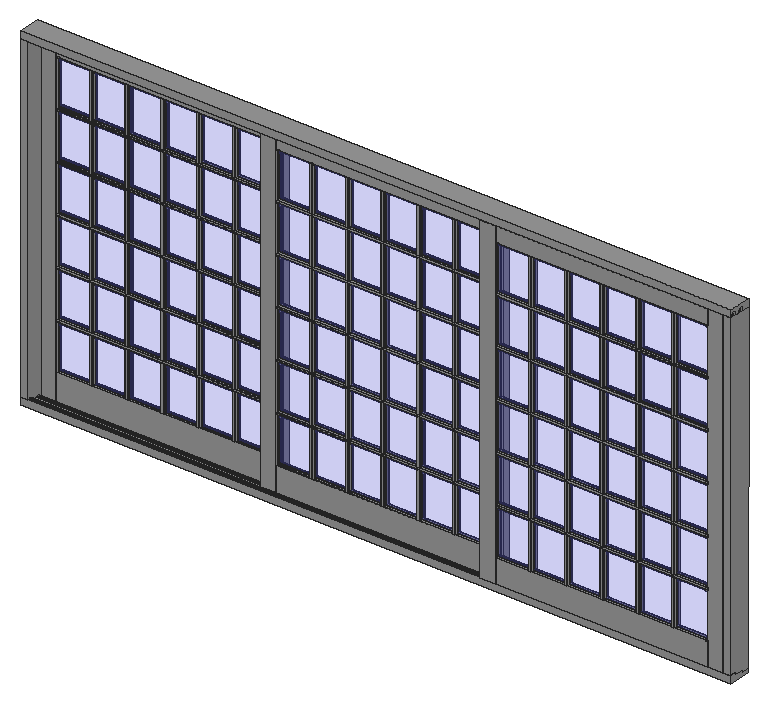
Revit family "VSD4.4SPTS LH", category Doors, host Wall, Revit 2015 (continued)
Forms (mm)
  Sweep 122, solid, material "Lauan, Meranti"
    profile origin (1754.392, -176, 1365) x (0, 0, -1) y (0, -1, 0)
      loop
        line (9, -124.5) -> (0, -124.5) -> (0, -132.5)
        arc (0, -132.5) -> (4.67, -130.866) -> (7, -126.5) r 6.807
        line (7, -126.5) -> (9, -126.5) -> (9, -124.5)
  Sweep 123, solid, material "Lauan, Meranti"
    path origin (2386.311, -176, -1375.763) x (-1, 0, 0) y (0, 0, -1)
      loop
        line (302.345, -2740.763) -> (513.395, -2740.763) -> (513.395, -2456.763) -> (302.345, -2456.763) -> (302.345, -2740.763)
    profile origin (1978.442, -176, 1365) x (0, 0, -1) y (0, -1, 0)
      loop
        line (9, -124.5) -> (0, -124.5) -> (0, -132.5)
        arc (0, -132.5) -> (4.67, -130.866) -> (7, -126.5) r 6.807
        line (7, -126.5) -> (9, -126.5) -> (9, -124.5)
  Sweep 124, solid, material "Lauan, Meranti"
    path origin (1266.061, -176, -1672.763) x (-1, 0, 0) y (0, 0, -1)
      loop
        line (302.345, -2740.763) -> (513.395, -2740.763) -> (513.395, -2456.763) -> (302.345, -2456.763) -> (302.345, -2740.763)
    profile origin (858.192, -176, 1068) x (0, 0, -1) y (0, -1, 0)
      loop
        line (9, -124.5) -> (0, -124.5) -> (0, -132.5)
        arc (0, -132.5) -> (4.67, -130.866) -> (7, -126.5) r 6.807
        line (7, -126.5) -> (9, -126.5) -> (9, -124.5)
  Extrusion 125, solid, material "Lauan, Meranti"
    sketch origin (1521.667, -101, -891) x (-1, 0, 0) y (0, -1, 0)
      loop
        line (544.95, -31) -> (544.95, -33)
        arc (544.95, -33) -> (540.28, -34.634) -> (537.95, -39) r 6.807
        line (537.95, -39) -> (535.95, -39) -> (535.95, -41) -> (544.95, -41) -> (544.95, -71) -> (557.95, -71) -> (557.95, -41) -> (566.95, -41) -> (566.95, -39) -> (564.95, -39)
        arc (564.95, -39) -> (562.62, -34.634) -> (557.95, -33) r 6.807
        line (557.95, -33) -> (557.95, -31) -> (544.95, -31)
      loop
        line (320.9, -31) -> (320.9, -33)
        arc (320.9, -33) -> (316.23, -34.634) -> (313.9, -39) r 6.807
        line (313.9, -39) -> (311.9, -39) -> (311.9, -41) -> (320.9, -41) -> (320.9, -71) -> (333.9, -71) -> (333.9, -41) -> (342.9, -41) -> (342.9, -39) -> (340.9, -39)
        arc (340.9, -39) -> (338.57, -34.634) -> (333.9, -33) r 6.807
        line (333.9, -33) -> (333.9, -31) -> (320.9, -31)
      loop
        line (96.85, -31) -> (96.85, -33)
        arc (96.85, -33) -> (92.18, -34.634) -> (89.85, -39) r 6.807
        line (89.85, -39) -> (87.85, -39) -> (87.85, -41) -> (96.85, -41) -> (96.85, -71) -> (109.85, -71) -> (109.85, -41) -> (118.85, -41) -> (118.85, -39) -> (116.85, -39)
        arc (116.85, -39) -> (114.52, -34.634) -> (109.85, -33) r 6.807
        line (109.85, -33) -> (109.85, -31) -> (96.85, -31)
      loop
        line (-127.2, -31) -> (-127.2, -33)
        arc (-127.2, -33) -> (-131.87, -34.634) -> (-134.2, -39) r 6.807
        line (-134.2, -39) -> (-136.2, -39) -> (-136.2, -41) -> (-127.2, -41) -> (-127.2, -71) -> (-114.2, -71) -> (-114.2, -41) -> (-105.2, -41) -> (-105.2, -39) -> (-107.2, -39)
        arc (-107.2, -39) -> (-109.53, -34.634) -> (-114.2, -33) r 6.807
        line (-114.2, -33) -> (-114.2, -31) -> (-127.2, -31)
      loop
        line (-351.25, -31) -> (-351.25, -33)
        arc (-351.25, -33) -> (-355.92, -34.634) -> (-358.25, -39) r 6.807
        line (-358.25, -39) -> (-360.25, -39) -> (-360.25, -41) -> (-351.25, -41) -> (-351.25, -71) -> (-338.25, -71) -> (-338.25, -41) -> (-329.25, -41) -> (-329.25, -39) -> (-331.25, -39)
        arc (-331.25, -39) -> (-333.58, -34.634) -> (-338.25, -33) r 6.807
        line (-338.25, -33) -> (-338.25, -31) -> (-351.25, -31)
    from 1675 to 1959
  Sweep 126, solid, material "Lauan, Meranti"
    path origin (1490.111, -176, -1672.763) x (-1, 0, 0) y (0, 0, -1)
      loop
        line (302.345, -2740.763) -> (513.395, -2740.763) -> (513.395, -2456.763) -> (302.345, -2456.763) -> (302.345, -2740.763)
    profile origin (1082.242, -176, 1068) x (0, 0, -1) y (0, -1, 0)
      loop
        line (9, -124.5) -> (0, -124.5) -> (0, -132.5)
        arc (0, -132.5) -> (4.67, -130.866) -> (7, -126.5) r 6.807
        line (7, -126.5) -> (9, -126.5) -> (9, -124.5)
  Sweep 127, solid, material "Lauan, Meranti"
    path origin (1714.161, -176, -1672.763) x (-1, 0, 0) y (0, 0, -1)
      loop
        line (302.345, -2740.763) -> (513.395, -2740.763) -> (513.395, -2456.763) -> (302.345, -2456.763) -> (302.345, -2740.763)
    profile origin (1306.292, -176, 1068) x (0, 0, -1) y (0, -1, 0)
      loop
        line (9, -124.5) -> (0, -124.5) -> (0, -132.5)
        arc (0, -132.5) -> (4.67, -130.866) -> (7, -126.5) r 6.807
        line (7, -126.5) -> (9, -126.5) -> (9, -124.5)
  Sweep 128, solid, material "Lauan, Meranti"
    path origin (1938.211, -176, -1672.763) x (-1, 0, 0) y (0, 0, -1)
      loop
        line (302.345, -2740.763) -> (513.395, -2740.763) -> (513.395, -2456.763) -> (302.345, -2456.763) -> (302.345, -2740.763)
    profile origin (1530.342, -176, 1068) x (0, 0, -1) y (0, -1, 0)
      loop
        line (9, -124.5) -> (0, -124.5) -> (0, -132.5)
        arc (0, -132.5) -> (4.67, -130.866) -> (7, -126.5) r 6.807
        line (7, -126.5) -> (9, -126.5) -> (9, -124.5)
  Sweep 129, solid, material "Lauan, Meranti"
    path origin (2162.261, -176, -1672.763) x (-1, 0, 0) y (0, 0, -1)
      loop
        line (302.345, -2740.763) -> (513.395, -2740.763) -> (513.395, -2456.763) -> (302.345, -2456.763) -> (302.345, -2740.763)
    profile origin (1754.392, -176, 1068) x (0, 0, -1) y (0, -1, 0)
      loop
        line (9, -124.5) -> (0, -124.5) -> (0, -132.5)
        arc (0, -132.5) -> (4.67, -130.866) -> (7, -126.5) r 6.807
        line (7, -126.5) -> (9, -126.5) -> (9, -124.5)
  Sweep 130, solid, material "Lauan, Meranti"
    path origin (2386.311, -176, -1672.763) x (-1, 0, 0) y (0, 0, -1)
      loop
        line (302.345, -2740.763) -> (513.395, -2740.763) -> (513.395, -2456.763) -> (302.345, -2456.763) -> (302.345, -2740.763)
    profile origin (1978.442, -176, 1068) x (0, 0, -1) y (0, -1, 0)
      loop
        line (9, -124.5) -> (0, -124.5) -> (0, -132.5)
        arc (0, -132.5) -> (4.67, -130.866) -> (7, -126.5) r 6.807
        line (7, -126.5) -> (9, -126.5) -> (9, -124.5)
  Sweep 131, solid, material "Lauan, Meranti"
    path origin (1266.061, -176, -1969.763) x (-1, 0, 0) y (0, 0, -1)
      loop
        line (302.345, -2740.763) -> (513.395, -2740.763) -> (513.395, -2456.763) -> (302.345, -2456.763) -> (302.345, -2740.763)
    profile origin (858.192, -176, 771) x (0, 0, -1) y (0, -1, 0)
      loop
        line (9, -124.5) -> (0, -124.5) -> (0, -132.5)
        arc (0, -132.5) -> (4.67, -130.866) -> (7, -126.5) r 6.807
        line (7, -126.5) -> (9, -126.5) -> (9, -124.5)
  Extrusion 132, solid, material "Lauan, Meranti"
    sketch origin (1521.667, -101, -1188) x (-1, 0, 0) y (0, -1, 0)
      loop
        line (544.95, -31) -> (544.95, -33)
        arc (544.95, -33) -> (540.28, -34.634) -> (537.95, -39) r 6.807
        line (537.95, -39) -> (535.95, -39) -> (535.95, -41) -> (544.95, -41) -> (544.95, -71) -> (557.95, -71) -> (557.95, -41) -> (566.95, -41) -> (566.95, -39) -> (564.95, -39)
        arc (564.95, -39) -> (562.62, -34.634) -> (557.95, -33) r 6.807
        line (557.95, -33) -> (557.95, -31) -> (544.95, -31)
      loop
        line (320.9, -31) -> (320.9, -33)
        arc (320.9, -33) -> (316.23, -34.634) -> (313.9, -39) r 6.807
        line (313.9, -39) -> (311.9, -39) -> (311.9, -41) -> (320.9, -41) -> (320.9, -71) -> (333.9, -71) -> (333.9, -41) -> (342.9, -41) -> (342.9, -39) -> (340.9, -39)
        arc (340.9, -39) -> (338.57, -34.634) -> (333.9, -33) r 6.807
        line (333.9, -33) -> (333.9, -31) -> (320.9, -31)
      loop
        line (96.85, -31) -> (96.85, -33)
        arc (96.85, -33) -> (92.18, -34.634) -> (89.85, -39) r 6.807
        line (89.85, -39) -> (87.85, -39) -> (87.85, -41) -> (96.85, -41) -> (96.85, -71) -> (109.85, -71) -> (109.85, -41) -> (118.85, -41) -> (118.85, -39) -> (116.85, -39)
        arc (116.85, -39) -> (114.52, -34.634) -> (109.85, -33) r 6.807
        line (109.85, -33) -> (109.85, -31) -> (96.85, -31)
      loop
        line (-127.2, -31) -> (-127.2, -33)
        arc (-127.2, -33) -> (-131.87, -34.634) -> (-134.2, -39) r 6.807
        line (-134.2, -39) -> (-136.2, -39) -> (-136.2, -41) -> (-127.2, -41) -> (-127.2, -71) -> (-114.2, -71) -> (-114.2, -41) -> (-105.2, -41) -> (-105.2, -39) -> (-107.2, -39)
        arc (-107.2, -39) -> (-109.53, -34.634) -> (-114.2, -33) r 6.807
        line (-114.2, -33) -> (-114.2, -31) -> (-127.2, -31)
      loop
        line (-351.25, -31) -> (-351.25, -33)
        arc (-351.25, -33) -> (-355.92, -34.634) -> (-358.25, -39) r 6.807
        line (-358.25, -39) -> (-360.25, -39) -> (-360.25, -41) -> (-351.25, -41) -> (-351.25, -71) -> (-338.25, -71) -> (-338.25, -41) -> (-329.25, -41) -> (-329.25, -39) -> (-331.25, -39)
        arc (-331.25, -39) -> (-333.58, -34.634) -> (-338.25, -33) r 6.807
        line (-338.25, -33) -> (-338.25, -31) -> (-351.25, -31)
    from 1675 to 1959
  Sweep 133, solid, material "Lauan, Meranti"
    path origin (1490.111, -176, -1969.763) x (-1, 0, 0) y (0, 0, -1)
      loop
        line (302.345, -2740.763) -> (513.395, -2740.763) -> (513.395, -2456.763) -> (302.345, -2456.763) -> (302.345, -2740.763)
    profile origin (1082.242, -176, 771) x (0, 0, -1) y (0, -1, 0)
      loop
        line (9, -124.5) -> (0, -124.5) -> (0, -132.5)
        arc (0, -132.5) -> (4.67, -130.866) -> (7, -126.5) r 6.807
        line (7, -126.5) -> (9, -126.5) -> (9, -124.5)
  Sweep 134, solid, material "Lauan, Meranti"
    path origin (1714.161, -176, -1969.763) x (-1, 0, 0) y (0, 0, -1)
      loop
        line (302.345, -2740.763) -> (513.395, -2740.763) -> (513.395, -2456.763) -> (302.345, -2456.763) -> (302.345, -2740.763)
    profile origin (1306.292, -176, 771) x (0, 0, -1) y (0, -1, 0)
      loop
        line (9, -124.5) -> (0, -124.5) -> (0, -132.5)
        arc (0, -132.5) -> (4.67, -130.866) -> (7, -126.5) r 6.807
        line (7, -126.5) -> (9, -126.5) -> (9, -124.5)
  Sweep 135, solid, material "Lauan, Meranti"
    path origin (1938.211, -176, -1969.763) x (-1, 0, 0) y (0, 0, -1)
      loop
        line (302.345, -2740.763) -> (513.395, -2740.763) -> (513.395, -2456.763) -> (302.345, -2456.763) -> (302.345, -2740.763)
    profile origin (1530.342, -176, 771) x (0, 0, -1) y (0, -1, 0)
      loop
        line (9, -124.5) -> (0, -124.5) -> (0, -132.5)
        arc (0, -132.5) -> (4.67, -130.866) -> (7, -126.5) r 6.807
        line (7, -126.5) -> (9, -126.5) -> (9, -124.5)
  Sweep 136, solid, material "Lauan, Meranti"
    path origin (2162.261, -176, -1969.763) x (-1, 0, 0) y (0, 0, -1)
      loop
        line (302.345, -2740.763) -> (513.395, -2740.763) -> (513.395, -2456.763) -> (302.345, -2456.763) -> (302.345, -2740.763)
    profile origin (1754.392, -176, 771) x (0, 0, -1) y (0, -1, 0)
      loop
        line (9, -124.5) -> (0, -124.5) -> (0, -132.5)
        arc (0, -132.5) -> (4.67, -130.866) -> (7, -126.5) r 6.807
        line (7, -126.5) -> (9, -126.5) -> (9, -124.5)
  Sweep 137, solid, material "Lauan, Meranti"
    path origin (2386.311, -176, -1969.763) x (-1, 0, 0) y (0, 0, -1)
      loop
        line (302.345, -2740.763) -> (513.395, -2740.763) -> (513.395, -2456.763) -> (302.345, -2456.763) -> (302.345, -2740.763)
    profile origin (1978.442, -176, 771) x (0, 0, -1) y (0, -1, 0)
      loop
        line (9, -124.5) -> (0, -124.5) -> (0, -132.5)
        arc (0, -132.5) -> (4.67, -130.866) -> (7, -126.5) r 6.807
        line (7, -126.5) -> (9, -126.5) -> (9, -124.5)
  Sweep 138, solid, material "Lauan, Meranti"
    path origin (1266.061, -176, -2266.763) x (-1, 0, 0) y (0, 0, -1)
      loop
        line (302.345, -2740.763) -> (513.395, -2740.763) -> (513.395, -2456.763) -> (302.345, -2456.763) -> (302.345, -2740.763)
    profile origin (858.192, -176, 474) x (0, 0, -1) y (0, -1, 0)
      loop
        line (9, -124.5) -> (0, -124.5) -> (0, -132.5)
        arc (0, -132.5) -> (4.67, -130.866) -> (7, -126.5) r 6.807
        line (7, -126.5) -> (9, -126.5) -> (9, -124.5)
  Extrusion 139, solid, material "Lauan, Meranti"
    sketch origin (1521.667, -101, -1485) x (-1, 0, 0) y (0, -1, 0)
      loop
        line (544.95, -31) -> (544.95, -33)
        arc (544.95, -33) -> (540.28, -34.634) -> (537.95, -39) r 6.807
        line (537.95, -39) -> (535.95, -39) -> (535.95, -41) -> (544.95, -41) -> (544.95, -71) -> (557.95, -71) -> (557.95, -41) -> (566.95, -41) -> (566.95, -39) -> (564.95, -39)
        arc (564.95, -39) -> (562.62, -34.634) -> (557.95, -33) r 6.807
        line (557.95, -33) -> (557.95, -31) -> (544.95, -31)
      loop
        line (320.9, -31) -> (320.9, -33)
        arc (320.9, -33) -> (316.23, -34.634) -> (313.9, -39) r 6.807
        line (313.9, -39) -> (311.9, -39) -> (311.9, -41) -> (320.9, -41) -> (320.9, -71) -> (333.9, -71) -> (333.9, -41) -> (342.9, -41) -> (342.9, -39) -> (340.9, -39)
        arc (340.9, -39) -> (338.57, -34.634) -> (333.9, -33) r 6.807
        line (333.9, -33) -> (333.9, -31) -> (320.9, -31)
      loop
        line (96.85, -31) -> (96.85, -33)
        arc (96.85, -33) -> (92.18, -34.634) -> (89.85, -39) r 6.807
        line (89.85, -39) -> (87.85, -39) -> (87.85, -41) -> (96.85, -41) -> (96.85, -71) -> (109.85, -71) -> (109.85, -41) -> (118.85, -41) -> (118.85, -39) -> (116.85, -39)
        arc (116.85, -39) -> (114.52, -34.634) -> (109.85, -33) r 6.807
        line (109.85, -33) -> (109.85, -31) -> (96.85, -31)
      loop
        line (-127.2, -31) -> (-127.2, -33)
        arc (-127.2, -33) -> (-131.87, -34.634) -> (-134.2, -39) r 6.807
        line (-134.2, -39) -> (-136.2, -39) -> (-136.2, -41) -> (-127.2, -41) -> (-127.2, -71) -> (-114.2, -71) -> (-114.2, -41) -> (-105.2, -41) -> (-105.2, -39) -> (-107.2, -39)
        arc (-107.2, -39) -> (-109.53, -34.634) -> (-114.2, -33) r 6.807
        line (-114.2, -33) -> (-114.2, -31) -> (-127.2, -31)
      loop
        line (-351.25, -31) -> (-351.25, -33)
        arc (-351.25, -33) -> (-355.92, -34.634) -> (-358.25, -39) r 6.807
        line (-358.25, -39) -> (-360.25, -39) -> (-360.25, -41) -> (-351.25, -41) -> (-351.25, -71) -> (-338.25, -71) -> (-338.25, -41) -> (-329.25, -41) -> (-329.25, -39) -> (-331.25, -39)
        arc (-331.25, -39) -> (-333.58, -34.634) -> (-338.25, -33) r 6.807
        line (-338.25, -33) -> (-338.25, -31) -> (-351.25, -31)
    from 1675 to 1959
  Sweep 140, solid, material "Lauan, Meranti"
    path origin (1490.111, -176, -2266.763) x (-1, 0, 0) y (0, 0, -1)
      loop
        line (302.345, -2740.763) -> (513.395, -2740.763) -> (513.395, -2456.763) -> (302.345, -2456.763) -> (302.345, -2740.763)
    profile origin (1082.242, -176, 474) x (0, 0, -1) y (0, -1, 0)
      loop
        line (9, -124.5) -> (0, -124.5) -> (0, -132.5)
        arc (0, -132.5) -> (4.67, -130.866) -> (7, -126.5) r 6.807
        line (7, -126.5) -> (9, -126.5) -> (9, -124.5)
  Sweep 141, solid, material "Lauan, Meranti"
    path origin (1714.161, -176, -2266.763) x (-1, 0, 0) y (0, 0, -1)
      loop
        line (302.345, -2740.763) -> (513.395, -2740.763) -> (513.395, -2456.763) -> (302.345, -2456.763) -> (302.345, -2740.763)
    profile origin (1306.292, -176, 474) x (0, 0, -1) y (0, -1, 0)
      loop
        line (9, -124.5) -> (0, -124.5) -> (0, -132.5)
        arc (0, -132.5) -> (4.67, -130.866) -> (7, -126.5) r 6.807
        line (7, -126.5) -> (9, -126.5) -> (9, -124.5)
  Sweep 142, solid, material "Lauan, Meranti"
    path origin (1938.211, -176, -2266.763) x (-1, 0, 0) y (0, 0, -1)
      loop
        line (302.345, -2740.763) -> (513.395, -2740.763) -> (513.395, -2456.763) -> (302.345, -2456.763) -> (302.345, -2740.763)
    profile origin (1530.342, -176, 474) x (0, 0, -1) y (0, -1, 0)
      loop
        line (9, -124.5) -> (0, -124.5) -> (0, -132.5)
        arc (0, -132.5) -> (4.67, -130.866) -> (7, -126.5) r 6.807
        line (7, -126.5) -> (9, -126.5) -> (9, -124.5)
  Sweep 143, solid, material "Lauan, Meranti"
    path origin (2162.261, -176, -2266.763) x (-1, 0, 0) y (0, 0, -1)
      loop
        line (302.345, -2740.763) -> (513.395, -2740.763) -> (513.395, -2456.763) -> (302.345, -2456.763) -> (302.345, -2740.763)
    profile origin (1754.392, -176, 474) x (0, 0, -1) y (0, -1, 0)
      loop
        line (9, -124.5) -> (0, -124.5) -> (0, -132.5)
        arc (0, -132.5) -> (4.67, -130.866) -> (7, -126.5) r 6.807
        line (7, -126.5) -> (9, -126.5) -> (9, -124.5)
  Sweep 144, solid, material "Lauan, Meranti"
    path origin (2386.311, -176, -2266.763) x (-1, 0, 0) y (0, 0, -1)
      loop
        line (302.345, -2740.763) -> (513.395, -2740.763) -> (513.395, -2456.763) -> (302.345, -2456.763) -> (302.345, -2740.763)
    profile origin (1978.442, -176, 474) x (0, 0, -1) y (0, -1, 0)
      loop
        line (9, -124.5) -> (0, -124.5) -> (0, -132.5)
        arc (0, -132.5) -> (4.67, -130.866) -> (7, -126.5) r 6.807
        line (7, -126.5) -> (9, -126.5) -> (9, -124.5)
Cuts and joins
  joined: Extrusion 3, Extrusion 4, Extrusion 6
Lines and regions (mm)
  Opening 1
    outline origin (-5000, 75, 0) x (-1, 0, 0) y (0, 0, 1)
      loop
        line (-7225, 0) -> (-2775, 0) -> (-2775, 2100) -> (-7225, 2100) -> (-7225, 0)
  model lines
    curve 1: line (255.153, 99.5, 925) -> (-85.77, 99.5, 925)
    curve 2: line (-224.847, 99.5, 925) -> (-85.77, 99.5, 981.191)
    curve 3: line (-85.77, 99.5, 981.191) -> (-85.77, 99.5, 868.809)
    curve 4: line (-224.847, 99.5, 925) -> (-85.77, 99.5, 868.809)
    curve 5: line (1673.486, 99.5, 925) -> (1332.564, 99.5, 925)
    curve 6: line (1193.486, 99.5, 925) -> (1332.564, 99.5, 981.191)
    curve 7: line (1332.564, 99.5, 981.191) -> (1332.564, 99.5, 868.809)
    curve 8: line (1193.486, 99.5, 925) -> (1332.564, 99.5, 868.809)
Text (mm)
  text "Exterior" at (-2295.016, 1099.543, 0), in view "Ref. Level"
  text "Exterior" at (0, 1615.38, 3698.081), in view "Left"
  text "Exterior" at (0, 1036.032, 3874.932), in view "Right"
Dimensions and locks
  equal spacing: plane 3 "Left", plane 2 "Center (Left/Right)", plane 4 "Right"
  "Width": plane 3 "Left" to plane 4 "Right"
  "Height": plane 5 to host wall
  host wall to plane 5 = 2100 mm  (x2)
  locked: plane 6 "Exterior" to host wall at 0
  locked: plane 7 "Interior" to host wall
  plane 3 "Left" to plane 4 "Right" = 4450 mm
  aligned and locked: host wall to plane 1
  aligned and locked: Opening 1 sketch curve to level
  aligned and locked: Sweep 14 sketch curve to Extrusion 13
  aligned and locked: Extrusion 13 to Extrusion 16  (x2)
  aligned and locked: Extrusion 9 to Extrusion 13
  aligned and locked: Extrusion 16 to Sweep 14 sketch curve
  aligned and locked: Extrusion 23 to Sweep 22 sketch curve
  aligned and locked: Extrusion 30 to Sweep 29 sketch curve
  aligned and locked: Extrusion 37 to Sweep 36 sketch curve
  aligned and locked: Extrusion 44 to Sweep 43 sketch curve
  aligned and locked: Extrusion 51 to Sweep 50 sketch curve
  aligned and locked: Sweep 58 sketch curve to Extrusion 57
  aligned and locked: Extrusion 57 to Extrusion 60  (x2)
  aligned and locked: Extrusion 60 to Sweep 58 sketch curve
  aligned and locked: Extrusion 67 to Sweep 66 sketch curve
  aligned and locked: Extrusion 74 to Sweep 73 sketch curve
  aligned and locked: Extrusion 81 to Sweep 80 sketch curve
  aligned and locked: Extrusion 88 to Sweep 87 sketch curve
  aligned and locked: Extrusion 95 to Sweep 94 sketch curve
  aligned and locked: Sweep 102 sketch curve to Extrusion 101
  aligned and locked: Extrusion 101 to Extrusion 104  (x2)
  aligned and locked: Extrusion 104 to Sweep 102 sketch curve
  aligned and locked: Extrusion 111 to Sweep 110 sketch curve
  aligned and locked: Extrusion 118 to Sweep 117 sketch curve
  aligned and locked: Extrusion 125 to Sweep 124 sketch curve
  aligned and locked: Extrusion 132 to Sweep 131 sketch curve
  aligned and locked: Extrusion 139 to Sweep 138 sketch curve
Automatic sketch dimensions
  curve 2 to plane 2 "Center (Left/Right)" = 224.847 mm
  curve 2 to plane 2 "Center (Left/Right)" = 85.77 mm
  plane 4 "Right" to curve 6 = 1031.514 mm
  curve 6 to curve 6 = 139.078 mm
  level to curve 4 = 868.809 mm
  level to curve 7 = 868.809 mm
  curve 7 to curve 8 = 56.191 mm
  curve 3 to curve 4 = 56.191 mm
  curve 3 to curve 3 = 112.382 mm
  curve 7 to curve 7 = 112.382 mm
  plane 2 "Center (Left/Right)" to curve 1 = 255.153 mm
  curve 5 to curve 5 = 340.922 mm
  curve 1 to curve 2 = 56.191 mm
  curve 7 to curve 5 = 56.191 mm
  plane 4 "Right" to Opening 1 sketch curve = 0 mm
  plane 3 "Left" to Opening 1 sketch curve = 0 mm
  Opening 1 sketch curve to plane 5 = 0 mm
  Extrusion 1 sketch curve to level = 0 mm
  Extrusion 1 sketch curve to host wall = 5 mm  (x2)
  Extrusion 1 sketch curve to Extrusion 1 sketch curve = 8 mm
  Extrusion 1 sketch curve to Extrusion 1 sketch curve = 24 mm
  host wall to Extrusion 1 sketch curve = 6 mm
  Extrusion 1 sketch curve to host wall = 18 mm
  level to Extrusion 1 sketch curve = 21 mm
  Extrusion 1 sketch curve to Extrusion 1 sketch curve = 11 mm  (x2)
  Extrusion 1 sketch curve to Extrusion 1 sketch curve = 1 mm  (x2)
  plane 5 to Extrusion 2 sketch curve = 0 mm
  Extrusion 2 sketch curve to host wall = 5 mm  (x2)
  Extrusion 2 sketch curve to Extrusion 2 sketch curve = 9 mm
  Extrusion 2 sketch curve to Extrusion 2 sketch curve = 22 mm
  host wall to Extrusion 2 sketch curve = 5 mm
  Extrusion 2 sketch curve to host wall = 17 mm
  plane 5 to Extrusion 2 sketch curve = 25 mm  (x2)
  Extrusion 2 sketch curve to Extrusion 2 sketch curve = 20 mm  (x3)
  Extrusion 3 sketch curve to plane 4 "Right" = 0 mm
  Extrusion 3 sketch curve to plane 3 "Left" = 0 mm
  Extrusion 3 sketch curve to plane 4 "Right" = 43 mm
  host wall to Extrusion 3 sketch curve = 5 mm  (x4)
  Extrusion 3 sketch curve to Extrusion 3 sketch curve = 45 mm
  plane 3 "Left" to Extrusion 3 sketch curve = 45 mm
  Extrusion 3 sketch curve to Extrusion 3 sketch curve = 2 mm
  host wall to Extrusion 3 sketch curve = 25 mm  (x2)
  Extrusion 4 sketch curve to plane 4 "Right" = 0 mm
  Extrusion 4 sketch curve to plane 3 "Left" = 0 mm
  Extrusion 4 sketch curve to plane 4 "Right" = 43 mm
  Extrusion 4 sketch curve to Extrusion 4 sketch curve = 2 mm  (x2)
  plane 3 "Left" to Extrusion 4 sketch curve = 45 mm
  host wall to Extrusion 4 sketch curve = 5 mm  (x2)
  host wall to Extrusion 4 sketch curve = 25 mm
  Extrusion 4 sketch curve to Extrusion 4 sketch curve = 20 mm
  host wall to Extrusion 4 sketch curve = 37 mm  (x2)
  Extrusion 5 sketch curve to host wall = 13 mm
  Extrusion 5 sketch curve to Extrusion 5 sketch curve = 11 mm  (x2)
  Extrusion 5 sketch curve to Extrusion 5 sketch curve = 1 mm  (x3)
  level to Extrusion 5 sketch curve = 48 mm
  Extrusion 5 sketch curve to Extrusion 5 sketch curve = 1.118 mm
  Extrusion 5 sketch curve to Extrusion 5 sketch curve = 1.882 mm  (x2)
  Extrusion 6 sketch curve to plane 4 "Right" = 0 mm
  Extrusion 6 sketch curve to plane 3 "Left" = 0 mm
  host wall to Extrusion 6 sketch curve = 5 mm  (x2)
  Extrusion 6 sketch curve to Extrusion 6 sketch curve = 43 mm
  Extrusion 6 sketch curve to Extrusion 6 sketch curve = 2 mm  (x2)
  host wall to Extrusion 6 sketch curve = 18 mm  (x2)
  plane 3 "Left" to Extrusion 6 sketch curve = 45 mm
  Extrusion 6 sketch curve to Extrusion 6 sketch curve = 20 mm
  host wall to Extrusion 6 sketch curve = 25 mm
  host wall to Extrusion 7 sketch curve = 6 mm
  Extrusion 7 sketch curve to host wall = 5 mm
  Extrusion 7 sketch curve to Extrusion 7 sketch curve = 1 mm  (x3)
  Extrusion 7 sketch curve to Extrusion 7 sketch curve = 11 mm
  level to Extrusion 7 sketch curve = 36 mm
  Extrusion 7 sketch curve to Extrusion 7 sketch curve = 1.118 mm
  Extrusion 7 sketch curve to Extrusion 7 sketch curve = 1.882 mm  (x2)
  Extrusion 8 sketch curve to plane 16 = 0 mm
  Extrusion 8 sketch curve to plane 17 = 0 mm
  Extrusion 8 sketch curve to plane 18 = 0 mm
  Extrusion 8 sketch curve to plane 19 = 0 mm
  Extrusion 8 sketch curve to plane 17 = 9 mm  (x2)
  Extrusion 8 sketch curve to Extrusion 8 sketch curve = 0.473 mm  (x3)
  Extrusion 8 sketch curve to Extrusion 8 sketch curve = 2 mm  (x5)
  Extrusion 8 sketch curve to Extrusion 8 sketch curve = 6.527 mm
  host wall to Extrusion 8 sketch curve = 5 mm  (x2)
  Extrusion 8 sketch curve to Extrusion 8 sketch curve = 6 mm  (x2)
  Extrusion 8 sketch curve to Extrusion 8 sketch curve = 1.468 mm
  Extrusion 8 sketch curve to host wall = 30 mm  (x2)
  Extrusion 9 sketch curve to plane 11 = 0 mm
  Extrusion 9 sketch curve to plane 10 = 0 mm
  Extrusion 9 sketch curve to plane 8 = 0 mm
  Extrusion 9 sketch curve to plane 9 = 0 mm
  plane 10 to Extrusion 9 sketch curve = 9 mm
  Extrusion 9 sketch curve to Extrusion 9 sketch curve = 0 mm
  Extrusion 9 sketch curve to Extrusion 9 sketch curve = 0.473 mm  (x2)
  plane 10 to Extrusion 9 sketch curve = 2 mm
  Extrusion 9 sketch curve to Extrusion 9 sketch curve = 2 mm  (x3)
  Extrusion 9 sketch curve to Extrusion 9 sketch curve = 6.527 mm
  Extrusion 9 sketch curve to host wall = 1 mm  (x2)
  Extrusion 9 sketch curve to plane 8 = 9 mm
  Extrusion 9 sketch curve to host wall = 31 mm
  Extrusion 9 sketch curve to Extrusion 9 sketch curve = 30 mm
  Extrusion 9 sketch curve to Extrusion 9 sketch curve = 1.468 mm  (x2)
  Extrusion 9 sketch curve to host wall = 34 mm  (x2)
  Extrusion 10 sketch curve to plane 14 = 0 mm
  Extrusion 10 sketch curve to plane 15 = 0 mm
  Extrusion 10 sketch curve to plane 13 = 0 mm
  Extrusion 10 sketch curve to plane 12 = 0 mm
  host wall to Extrusion 10 sketch curve = 4 mm
  Extrusion 10 sketch curve to Extrusion 10 sketch curve = 9 mm
  Extrusion 10 sketch curve to Extrusion 10 sketch curve = 0 mm
  Extrusion 10 sketch curve to Extrusion 10 sketch curve = 0.473 mm  (x2)
  Extrusion 10 sketch curve to Extrusion 10 sketch curve = 2 mm  (x4)
  host wall to Extrusion 10 sketch curve = 5.468 mm
  Extrusion 10 sketch curve to Extrusion 10 sketch curve = 6.527 mm
  plane 13 to Extrusion 10 sketch curve = 9 mm
  Extrusion 10 sketch curve to Extrusion 10 sketch curve = 1.468 mm  (x2)
  Extrusion 10 sketch curve to host wall = 26 mm  (x2)
  host wall to Extrusion 10 sketch curve = 14 mm  (x2)
  host wall to Extrusion 11 sketch curve = 4.5 mm
  host wall to Extrusion 11 sketch curve = 2.3 mm
  Extrusion 11 sketch curve to host wall = 14.3 mm
  Extrusion 11 sketch curve to Extrusion 11 sketch curve = 2.2 mm  (x2)
  plane 5 to Extrusion 11 sketch curve = 25 mm
  Extrusion 11 sketch curve to Extrusion 11 sketch curve = 17.8 mm  (x2)
  Extrusion 12 sketch curve to host wall = 14.5 mm
  Extrusion 12 sketch curve to Extrusion 12 sketch curve = 2.2 mm  (x3)
  Extrusion 12 sketch curve to Extrusion 12 sketch curve = 16.6 mm
  plane 5 to Extrusion 12 sketch curve = 25 mm
  Extrusion 12 sketch curve to Extrusion 12 sketch curve = 17.8 mm  (x2)
  Extrusion 13 sketch curve to host wall = 34 mm  (x7)
  Extrusion 13 sketch curve to Extrusion 13 sketch curve = 2 mm  (x28)
  Extrusion 13 sketch curve to Extrusion 13 sketch curve = 6 mm  (x12)
  Extrusion 13 sketch curve to Extrusion 13 sketch curve = 0.803 mm  (x9)
  Extrusion 13 sketch curve to Extrusion 13 sketch curve = 6.803 mm  (x3)
  Extrusion 13 sketch curve to Extrusion 13 sketch curve = 1.197 mm  (x8)
  Extrusion 13 sketch curve to host wall = 1 mm  (x7)
  plane 5 to Extrusion 13 sketch curve = 45 mm
  Extrusion 13 sketch curve to Extrusion 13 sketch curve = 96 mm
  Extrusion 13 sketch curve to Extrusion 13 sketch curve = 0 mm  (x6)
  Extrusion 13 sketch curve to Extrusion 13 sketch curve = 0.241 mm  (x12)
  Extrusion 13 sketch curve to Extrusion 13 sketch curve = 266 mm  (x5)
  Extrusion 13 sketch curve to Extrusion 13 sketch curve = 6.759 mm  (x6)
  Extrusion 13 sketch curve to Extrusion 13 sketch curve = 13 mm  (x5)
  level to Extrusion 13 sketch curve = 199 mm
  level to Extrusion 13 sketch curve = 21 mm
  Sweep 14 sketch curve to plane 3 "Left" = 141 mm
  Sweep 14 sketch curve to Sweep 14 sketch curve = 284 mm
  Sweep 14 sketch curve to profile plane = 0 mm
  Sweep 14 sketch curve to profile plane = 0.241 mm
  Sweep 14 sketch curve to Sweep 14 sketch curve = 6.759 mm
  Sweep 14 sketch curve to Sweep 14 sketch curve = 2 mm  (x2)
  Sweep 14 sketch curve to profile plane = 132.5 mm
  Sweep 14 sketch curve to Sweep 14 sketch curve = 6 mm
  level to Extrusion 15 sketch curve = 190 mm  (x3)
  Extrusion 15 sketch curve to plane 2 "Center (Left/Right)" = 752.667 mm
  Extrusion 15 sketch curve to Extrusion 15 sketch curve = 0 mm  (x58)
  Extrusion 15 sketch curve to Extrusion 15 sketch curve = 211.083 mm  (x2)
  Extrusion 15 sketch curve to Extrusion 15 sketch curve = 13 mm  (x40)
  Extrusion 15 sketch curve to Extrusion 15 sketch curve = 211.05 mm  (x16)
  Extrusion 15 sketch curve to Extrusion 15 sketch curve = 13.01 mm  (x6)
  Extrusion 15 sketch curve to plane 3 "Left" = 141 mm  (x4)
  Extrusion 15 sketch curve to Extrusion 15 sketch curve = 0.012 mm  (x4)
  Extrusion 15 sketch curve to Extrusion 15 sketch curve = 284 mm  (x7)
  Extrusion 15 sketch curve to Extrusion 15 sketch curve = 13.012 mm  (x2)
  plane 5 to Extrusion 15 sketch curve = 141 mm
  Extrusion 16 sketch curve to host wall = 33 mm
  Extrusion 16 sketch curve to plane 2 "Center (Left/Right)" = 954.75 mm
  Extrusion 16 sketch curve to Extrusion 16 sketch curve = 2 mm  (x25)
  Extrusion 16 sketch curve to Extrusion 16 sketch curve = 6.759 mm  (x10)
  Extrusion 16 sketch curve to host wall = 1 mm  (x5)
  Extrusion 16 sketch curve to Extrusion 16 sketch curve = 0.241 mm  (x15)
  Extrusion 16 sketch curve to Extrusion 16 sketch curve = 13 mm  (x5)
  Extrusion 16 sketch curve to Extrusion 16 sketch curve = 0 mm  (x10)
  Extrusion 16 sketch curve to host wall = 31 mm  (x4)
  Extrusion 16 sketch curve to Extrusion 16 sketch curve = 193.05 mm  (x4)
  Extrusion 16 sketch curve to Extrusion 16 sketch curve = 1.197 mm  (x10)
  Sweep 17 sketch curve to plane 3 "Left" = 576.1 mm
  Sweep 17 sketch curve to Sweep 17 sketch curve = 211.05 mm
  plane 5 to Sweep 17 sketch curve = 141 mm
  Sweep 17 sketch curve to Sweep 17 sketch curve = 284 mm
  Sweep 17 sketch curve to profile plane = 0 mm
  Sweep 17 sketch curve to profile plane = 0.241 mm
  Sweep 17 sketch curve to Sweep 17 sketch curve = 6.759 mm
  Sweep 17 sketch curve to Sweep 17 sketch curve = 2 mm  (x2)
  Sweep 17 sketch curve to profile plane = 132.5 mm
  Sweep 17 sketch curve to Sweep 17 sketch curve = 6 mm
  Sweep 18 sketch curve to plane 3 "Left" = 800.15 mm
  Sweep 18 sketch curve to Sweep 18 sketch curve = 211.05 mm
  plane 5 to Sweep 18 sketch curve = 141 mm
  Sweep 18 sketch curve to Sweep 18 sketch curve = 284 mm
  Sweep 18 sketch curve to profile plane = 0 mm
  Sweep 18 sketch curve to profile plane = 0.241 mm
  Sweep 18 sketch curve to Sweep 18 sketch curve = 6.759 mm
  Sweep 18 sketch curve to Sweep 18 sketch curve = 2 mm  (x2)
  Sweep 18 sketch curve to profile plane = 132.5 mm
  Sweep 18 sketch curve to Sweep 18 sketch curve = 6 mm
  plane 5 to Sweep 19 sketch curve = 425 mm
  Sweep 19 sketch curve to plane 3 "Left" = 1024.2 mm
  Sweep 19 sketch curve to Sweep 19 sketch curve = 211.05 mm
  plane 5 to Sweep 19 sketch curve = 141 mm
  Sweep 19 sketch curve to profile plane = 0 mm
  Sweep 19 sketch curve to profile plane = 0.241 mm
  Sweep 19 sketch curve to Sweep 19 sketch curve = 6.759 mm
  Sweep 19 sketch curve to Sweep 19 sketch curve = 2 mm  (x2)
  Sweep 19 sketch curve to profile plane = 132.5 mm
  Sweep 19 sketch curve to Sweep 19 sketch curve = 6 mm
  plane 5 to Sweep 20 sketch curve = 425 mm
  Sweep 20 sketch curve to plane 2 "Center (Left/Right)" = 976.75 mm
  Sweep 20 sketch curve to Sweep 20 sketch curve = 211.05 mm
  plane 5 to Sweep 20 sketch curve = 141 mm
  Sweep 20 sketch curve to profile plane = 0 mm
  Sweep 20 sketch curve to profile plane = 0.241 mm
  Sweep 20 sketch curve to Sweep 20 sketch curve = 6.759 mm
  Sweep 20 sketch curve to Sweep 20 sketch curve = 2 mm  (x2)
  Sweep 20 sketch curve to profile plane = 132.5 mm
  Sweep 20 sketch curve to Sweep 20 sketch curve = 6 mm
  Sweep 21 sketch curve to plane 2 "Center (Left/Right)" = 752.7 mm
  Sweep 21 sketch curve to Sweep 21 sketch curve = 211.05 mm
  plane 5 to Sweep 21 sketch curve = 141 mm
  Sweep 21 sketch curve to Sweep 21 sketch curve = 284 mm
  Sweep 21 sketch curve to profile plane = 0 mm
  Sweep 21 sketch curve to profile plane = 0.241 mm
  Sweep 21 sketch curve to Sweep 21 sketch curve = 6.759 mm
  Sweep 21 sketch curve to Sweep 21 sketch curve = 2 mm  (x2)
  Sweep 21 sketch curve to profile plane = 132.5 mm
  Sweep 21 sketch curve to Sweep 21 sketch curve = 6 mm
  Sweep 22 sketch curve to plane 3 "Left" = 141 mm
  plane 5 to Sweep 22 sketch curve = 438 mm
  Sweep 22 sketch curve to Sweep 22 sketch curve = 284 mm
  Sweep 22 sketch curve to profile plane = 0 mm
  Sweep 22 sketch curve to profile plane = 0.241 mm
  Sweep 22 sketch curve to Sweep 22 sketch curve = 6.759 mm
  Sweep 22 sketch curve to Sweep 22 sketch curve = 2 mm  (x2)
  Sweep 22 sketch curve to profile plane = 132.5 mm
  Sweep 22 sketch curve to Sweep 22 sketch curve = 6 mm
  Extrusion 23 sketch curve to host wall = 33 mm
  Extrusion 23 sketch curve to plane 2 "Center (Left/Right)" = 954.75 mm
  Extrusion 23 sketch curve to Extrusion 23 sketch curve = 2 mm  (x25)
  Extrusion 23 sketch curve to Extrusion 23 sketch curve = 6.759 mm  (x10)
  Extrusion 23 sketch curve to host wall = 1 mm  (x5)
  Extrusion 23 sketch curve to Extrusion 23 sketch curve = 0.241 mm  (x15)
  Extrusion 23 sketch curve to Extrusion 23 sketch curve = 13 mm  (x5)
  Extrusion 23 sketch curve to Extrusion 23 sketch curve = 0 mm  (x10)
  Extrusion 23 sketch curve to host wall = 31 mm  (x4)
  Extrusion 23 sketch curve to Extrusion 23 sketch curve = 193.05 mm  (x4)
  Extrusion 23 sketch curve to Extrusion 23 sketch curve = 1.197 mm  (x10)
  Sweep 24 sketch curve to plane 3 "Left" = 576.1 mm
  Sweep 24 sketch curve to Sweep 24 sketch curve = 211.05 mm
  plane 5 to Sweep 24 sketch curve = 438 mm
  Sweep 24 sketch curve to Sweep 24 sketch curve = 284 mm
  Sweep 24 sketch curve to profile plane = 0 mm
  Sweep 24 sketch curve to profile plane = 0.241 mm
  Sweep 24 sketch curve to Sweep 24 sketch curve = 6.759 mm
  Sweep 24 sketch curve to Sweep 24 sketch curve = 2 mm  (x2)
  Sweep 24 sketch curve to profile plane = 132.5 mm
  Sweep 24 sketch curve to Sweep 24 sketch curve = 6 mm
  Sweep 25 sketch curve to plane 3 "Left" = 800.15 mm
  Sweep 25 sketch curve to Sweep 25 sketch curve = 211.05 mm
  plane 5 to Sweep 25 sketch curve = 438 mm
  Sweep 25 sketch curve to Sweep 25 sketch curve = 284 mm
  Sweep 25 sketch curve to profile plane = 0 mm
  Sweep 25 sketch curve to profile plane = 0.241 mm
  Sweep 25 sketch curve to Sweep 25 sketch curve = 6.759 mm
  Sweep 25 sketch curve to Sweep 25 sketch curve = 2 mm  (x2)
  Sweep 25 sketch curve to profile plane = 132.5 mm
  Sweep 25 sketch curve to Sweep 25 sketch curve = 6 mm
  Sweep 26 sketch curve to plane 3 "Left" = 1024.2 mm
  Sweep 26 sketch curve to Sweep 26 sketch curve = 211.05 mm
  plane 5 to Sweep 26 sketch curve = 438 mm
  Sweep 26 sketch curve to Sweep 26 sketch curve = 284 mm
  Sweep 26 sketch curve to profile plane = 0 mm
  Sweep 26 sketch curve to profile plane = 0.241 mm
  Sweep 26 sketch curve to Sweep 26 sketch curve = 6.759 mm
  Sweep 26 sketch curve to Sweep 26 sketch curve = 2 mm  (x2)
  Sweep 26 sketch curve to profile plane = 132.5 mm
  Sweep 26 sketch curve to Sweep 26 sketch curve = 6 mm
  Sweep 27 sketch curve to plane 2 "Center (Left/Right)" = 976.75 mm
  Sweep 27 sketch curve to Sweep 27 sketch curve = 211.05 mm
  plane 5 to Sweep 27 sketch curve = 438 mm
  Sweep 27 sketch curve to Sweep 27 sketch curve = 284 mm
  Sweep 27 sketch curve to profile plane = 0 mm
  Sweep 27 sketch curve to profile plane = 0.241 mm
  Sweep 27 sketch curve to Sweep 27 sketch curve = 6.759 mm
  Sweep 27 sketch curve to Sweep 27 sketch curve = 2 mm  (x2)
  Sweep 27 sketch curve to profile plane = 132.5 mm
  Sweep 27 sketch curve to Sweep 27 sketch curve = 6 mm
  Sweep 28 sketch curve to plane 2 "Center (Left/Right)" = 752.7 mm
  Sweep 28 sketch curve to Sweep 28 sketch curve = 211.05 mm
  plane 5 to Sweep 28 sketch curve = 438 mm
  Sweep 28 sketch curve to Sweep 28 sketch curve = 284 mm
  Sweep 28 sketch curve to profile plane = 0 mm
  Sweep 28 sketch curve to profile plane = 0.241 mm
  Sweep 28 sketch curve to Sweep 28 sketch curve = 6.759 mm
  Sweep 28 sketch curve to Sweep 28 sketch curve = 2 mm  (x2)
  Sweep 28 sketch curve to profile plane = 132.5 mm
  Sweep 28 sketch curve to Sweep 28 sketch curve = 6 mm
  Sweep 29 sketch curve to plane 3 "Left" = 141 mm
  plane 5 to Sweep 29 sketch curve = 735 mm
  Sweep 29 sketch curve to Sweep 29 sketch curve = 284 mm
  Sweep 29 sketch curve to profile plane = 0 mm
  Sweep 29 sketch curve to profile plane = 0.241 mm
  Sweep 29 sketch curve to Sweep 29 sketch curve = 6.759 mm
  Sweep 29 sketch curve to Sweep 29 sketch curve = 2 mm  (x2)
  Sweep 29 sketch curve to profile plane = 132.5 mm
  Sweep 29 sketch curve to Sweep 29 sketch curve = 6 mm
  Extrusion 30 sketch curve to host wall = 33 mm
  Extrusion 30 sketch curve to plane 2 "Center (Left/Right)" = 954.75 mm
  Extrusion 30 sketch curve to Extrusion 30 sketch curve = 2 mm  (x25)
  Extrusion 30 sketch curve to Extrusion 30 sketch curve = 6.759 mm  (x10)
  Extrusion 30 sketch curve to host wall = 1 mm  (x5)
  Extrusion 30 sketch curve to Extrusion 30 sketch curve = 0.241 mm  (x15)
  Extrusion 30 sketch curve to Extrusion 30 sketch curve = 13 mm  (x5)
  Extrusion 30 sketch curve to Extrusion 30 sketch curve = 0 mm  (x10)
  Extrusion 30 sketch curve to host wall = 31 mm  (x4)
  Extrusion 30 sketch curve to Extrusion 30 sketch curve = 193.05 mm  (x4)
  Extrusion 30 sketch curve to Extrusion 30 sketch curve = 1.197 mm  (x10)
  Sweep 31 sketch curve to plane 3 "Left" = 576.1 mm
  Sweep 31 sketch curve to Sweep 31 sketch curve = 211.05 mm
  plane 5 to Sweep 31 sketch curve = 735 mm
  Sweep 31 sketch curve to Sweep 31 sketch curve = 284 mm
  Sweep 31 sketch curve to profile plane = 0 mm
  Sweep 31 sketch curve to profile plane = 0.241 mm
  Sweep 31 sketch curve to Sweep 31 sketch curve = 6.759 mm
  Sweep 31 sketch curve to Sweep 31 sketch curve = 2 mm  (x2)
  Sweep 31 sketch curve to profile plane = 132.5 mm
  Sweep 31 sketch curve to Sweep 31 sketch curve = 6 mm
  Sweep 32 sketch curve to plane 3 "Left" = 800.15 mm
  Sweep 32 sketch curve to Sweep 32 sketch curve = 211.05 mm
  plane 5 to Sweep 32 sketch curve = 735 mm
  Sweep 32 sketch curve to Sweep 32 sketch curve = 284 mm
  Sweep 32 sketch curve to profile plane = 0 mm
  Sweep 32 sketch curve to profile plane = 0.241 mm
  Sweep 32 sketch curve to Sweep 32 sketch curve = 6.759 mm
  Sweep 32 sketch curve to Sweep 32 sketch curve = 2 mm  (x2)
  Sweep 32 sketch curve to profile plane = 132.5 mm
  Sweep 32 sketch curve to Sweep 32 sketch curve = 6 mm
  Sweep 33 sketch curve to plane 3 "Left" = 1024.2 mm
  Sweep 33 sketch curve to Sweep 33 sketch curve = 211.05 mm
  plane 5 to Sweep 33 sketch curve = 735 mm
  Sweep 33 sketch curve to Sweep 33 sketch curve = 284 mm
  Sweep 33 sketch curve to profile plane = 0 mm
  Sweep 33 sketch curve to profile plane = 0.241 mm
  Sweep 33 sketch curve to Sweep 33 sketch curve = 6.759 mm
  Sweep 33 sketch curve to Sweep 33 sketch curve = 2 mm  (x2)
  Sweep 33 sketch curve to profile plane = 132.5 mm
  Sweep 33 sketch curve to Sweep 33 sketch curve = 6 mm
  Sweep 34 sketch curve to plane 2 "Center (Left/Right)" = 976.75 mm
  Sweep 34 sketch curve to Sweep 34 sketch curve = 211.05 mm
  plane 5 to Sweep 34 sketch curve = 735 mm
  Sweep 34 sketch curve to Sweep 34 sketch curve = 284 mm
  Sweep 34 sketch curve to profile plane = 0 mm
  Sweep 34 sketch curve to profile plane = 0.241 mm
  Sweep 34 sketch curve to Sweep 34 sketch curve = 6.759 mm
  Sweep 34 sketch curve to Sweep 34 sketch curve = 2 mm  (x2)
  Sweep 34 sketch curve to profile plane = 132.5 mm
  Sweep 34 sketch curve to Sweep 34 sketch curve = 6 mm
  Sweep 35 sketch curve to plane 2 "Center (Left/Right)" = 752.7 mm
  Sweep 35 sketch curve to Sweep 35 sketch curve = 211.05 mm
  plane 5 to Sweep 35 sketch curve = 735 mm
  Sweep 35 sketch curve to Sweep 35 sketch curve = 284 mm
  Sweep 35 sketch curve to profile plane = 0 mm
  Sweep 35 sketch curve to profile plane = 0.241 mm
  Sweep 35 sketch curve to Sweep 35 sketch curve = 6.759 mm
  Sweep 35 sketch curve to Sweep 35 sketch curve = 2 mm  (x2)
  Sweep 35 sketch curve to profile plane = 132.5 mm
  Sweep 35 sketch curve to Sweep 35 sketch curve = 6 mm
  Sweep 36 sketch curve to plane 3 "Left" = 141 mm
  plane 5 to Sweep 36 sketch curve = 1032 mm
  Sweep 36 sketch curve to Sweep 36 sketch curve = 284 mm
  Sweep 36 sketch curve to profile plane = 0 mm
  Sweep 36 sketch curve to profile plane = 0.241 mm
  Sweep 36 sketch curve to Sweep 36 sketch curve = 6.759 mm
  Sweep 36 sketch curve to Sweep 36 sketch curve = 2 mm  (x2)
  Sweep 36 sketch curve to profile plane = 132.5 mm
  Sweep 36 sketch curve to Sweep 36 sketch curve = 6 mm
  Extrusion 37 sketch curve to host wall = 33 mm
  Extrusion 37 sketch curve to plane 2 "Center (Left/Right)" = 954.75 mm
  Extrusion 37 sketch curve to Extrusion 37 sketch curve = 2 mm  (x25)
  Extrusion 37 sketch curve to Extrusion 37 sketch curve = 6.759 mm  (x10)
  Extrusion 37 sketch curve to host wall = 1 mm  (x5)
  Extrusion 37 sketch curve to Extrusion 37 sketch curve = 0.241 mm  (x15)
  Extrusion 37 sketch curve to Extrusion 37 sketch curve = 13 mm  (x5)
  Extrusion 37 sketch curve to Extrusion 37 sketch curve = 0 mm  (x10)
  Extrusion 37 sketch curve to host wall = 31 mm  (x4)
  Extrusion 37 sketch curve to Extrusion 37 sketch curve = 193.05 mm  (x4)
  Extrusion 37 sketch curve to Extrusion 37 sketch curve = 1.197 mm  (x10)
  Sweep 38 sketch curve to plane 3 "Left" = 576.1 mm
  Sweep 38 sketch curve to Sweep 38 sketch curve = 211.05 mm
  plane 5 to Sweep 38 sketch curve = 1032 mm
  Sweep 38 sketch curve to Sweep 38 sketch curve = 284 mm
  Sweep 38 sketch curve to profile plane = 0 mm
  Sweep 38 sketch curve to profile plane = 0.241 mm
  Sweep 38 sketch curve to Sweep 38 sketch curve = 6.759 mm
  Sweep 38 sketch curve to Sweep 38 sketch curve = 2 mm  (x2)
  Sweep 38 sketch curve to profile plane = 132.5 mm
  Sweep 38 sketch curve to Sweep 38 sketch curve = 6 mm
  Sweep 39 sketch curve to plane 3 "Left" = 800.15 mm
  Sweep 39 sketch curve to Sweep 39 sketch curve = 211.05 mm
  plane 5 to Sweep 39 sketch curve = 1032 mm
  Sweep 39 sketch curve to Sweep 39 sketch curve = 284 mm
  Sweep 39 sketch curve to profile plane = 0 mm
  Sweep 39 sketch curve to profile plane = 0.241 mm
  Sweep 39 sketch curve to Sweep 39 sketch curve = 6.759 mm
  Sweep 39 sketch curve to Sweep 39 sketch curve = 2 mm  (x2)
  Sweep 39 sketch curve to profile plane = 132.5 mm
  Sweep 39 sketch curve to Sweep 39 sketch curve = 6 mm
  Sweep 40 sketch curve to plane 3 "Left" = 1024.2 mm
  Sweep 40 sketch curve to Sweep 40 sketch curve = 211.05 mm
  plane 5 to Sweep 40 sketch curve = 1032 mm
  Sweep 40 sketch curve to Sweep 40 sketch curve = 284 mm
  Sweep 40 sketch curve to profile plane = 0 mm
  Sweep 40 sketch curve to profile plane = 0.241 mm
  Sweep 40 sketch curve to Sweep 40 sketch curve = 6.759 mm
  Sweep 40 sketch curve to Sweep 40 sketch curve = 2 mm  (x2)
  Sweep 40 sketch curve to profile plane = 132.5 mm
  Sweep 40 sketch curve to Sweep 40 sketch curve = 6 mm
  Sweep 41 sketch curve to plane 2 "Center (Left/Right)" = 976.75 mm
  Sweep 41 sketch curve to Sweep 41 sketch curve = 211.05 mm
  plane 5 to Sweep 41 sketch curve = 1032 mm
  Sweep 41 sketch curve to Sweep 41 sketch curve = 284 mm
  Sweep 41 sketch curve to profile plane = 0 mm
  Sweep 41 sketch curve to profile plane = 0.241 mm
  Sweep 41 sketch curve to Sweep 41 sketch curve = 6.759 mm
  Sweep 41 sketch curve to Sweep 41 sketch curve = 2 mm  (x2)
  Sweep 41 sketch curve to profile plane = 132.5 mm
  Sweep 41 sketch curve to Sweep 41 sketch curve = 6 mm
  Sweep 42 sketch curve to plane 2 "Center (Left/Right)" = 752.7 mm
  Sweep 42 sketch curve to Sweep 42 sketch curve = 211.05 mm
  plane 5 to Sweep 42 sketch curve = 1032 mm
  Sweep 42 sketch curve to Sweep 42 sketch curve = 284 mm
  Sweep 42 sketch curve to profile plane = 0 mm
  Sweep 42 sketch curve to profile plane = 0.241 mm
  Sweep 42 sketch curve to Sweep 42 sketch curve = 6.759 mm
  Sweep 42 sketch curve to Sweep 42 sketch curve = 2 mm  (x2)
  Sweep 42 sketch curve to profile plane = 132.5 mm
  Sweep 42 sketch curve to Sweep 42 sketch curve = 6 mm
  Sweep 43 sketch curve to plane 3 "Left" = 141 mm
  level to Sweep 43 sketch curve = 771 mm
  Sweep 43 sketch curve to Sweep 43 sketch curve = 284 mm
  Sweep 43 sketch curve to profile plane = 0 mm
  Sweep 43 sketch curve to profile plane = 0.241 mm
  Sweep 43 sketch curve to Sweep 43 sketch curve = 6.759 mm
  Sweep 43 sketch curve to Sweep 43 sketch curve = 2 mm  (x2)
  Sweep 43 sketch curve to profile plane = 132.5 mm
  Sweep 43 sketch curve to Sweep 43 sketch curve = 6 mm
  Extrusion 44 sketch curve to host wall = 33 mm
  Extrusion 44 sketch curve to plane 2 "Center (Left/Right)" = 954.75 mm
  Extrusion 44 sketch curve to Extrusion 44 sketch curve = 2 mm  (x25)
  Extrusion 44 sketch curve to Extrusion 44 sketch curve = 6.759 mm  (x10)
  Extrusion 44 sketch curve to host wall = 1 mm  (x5)
  Extrusion 44 sketch curve to Extrusion 44 sketch curve = 0.241 mm  (x15)
  Extrusion 44 sketch curve to Extrusion 44 sketch curve = 13 mm  (x5)
  Extrusion 44 sketch curve to Extrusion 44 sketch curve = 0 mm  (x10)
  Extrusion 44 sketch curve to host wall = 31 mm  (x4)
  Extrusion 44 sketch curve to Extrusion 44 sketch curve = 193.05 mm  (x4)
  Extrusion 44 sketch curve to Extrusion 44 sketch curve = 1.197 mm  (x10)
  Sweep 45 sketch curve to plane 3 "Left" = 576.1 mm
  Sweep 45 sketch curve to Sweep 45 sketch curve = 211.05 mm
  level to Sweep 45 sketch curve = 771 mm
  Sweep 45 sketch curve to Sweep 45 sketch curve = 284 mm
  Sweep 45 sketch curve to profile plane = 0 mm
  Sweep 45 sketch curve to profile plane = 0.241 mm
  Sweep 45 sketch curve to Sweep 45 sketch curve = 6.759 mm
  Sweep 45 sketch curve to Sweep 45 sketch curve = 2 mm  (x2)
  Sweep 45 sketch curve to profile plane = 132.5 mm
  Sweep 45 sketch curve to Sweep 45 sketch curve = 6 mm
  Sweep 46 sketch curve to plane 3 "Left" = 800.15 mm
  Sweep 46 sketch curve to Sweep 46 sketch curve = 211.05 mm
  level to Sweep 46 sketch curve = 771 mm
  Sweep 46 sketch curve to Sweep 46 sketch curve = 284 mm
  Sweep 46 sketch curve to profile plane = 0 mm
  Sweep 46 sketch curve to profile plane = 0.241 mm
  Sweep 46 sketch curve to Sweep 46 sketch curve = 6.759 mm
  Sweep 46 sketch curve to Sweep 46 sketch curve = 2 mm  (x2)
  Sweep 46 sketch curve to profile plane = 132.5 mm
  Sweep 46 sketch curve to Sweep 46 sketch curve = 6 mm
  level to Sweep 47 sketch curve = 487 mm
  Sweep 47 sketch curve to plane 3 "Left" = 1024.2 mm
  Sweep 47 sketch curve to Sweep 47 sketch curve = 211.05 mm
  Sweep 47 sketch curve to Sweep 47 sketch curve = 284 mm
  Sweep 47 sketch curve to profile plane = 0 mm
  Sweep 47 sketch curve to profile plane = 0.241 mm
  Sweep 47 sketch curve to Sweep 47 sketch curve = 6.759 mm
  Sweep 47 sketch curve to Sweep 47 sketch curve = 2 mm  (x2)
  Sweep 47 sketch curve to profile plane = 132.5 mm
  Sweep 47 sketch curve to Sweep 47 sketch curve = 6 mm
  level to Sweep 48 sketch curve = 487 mm
  Sweep 48 sketch curve to plane 2 "Center (Left/Right)" = 976.75 mm
  Sweep 48 sketch curve to Sweep 48 sketch curve = 211.05 mm
  Sweep 48 sketch curve to Sweep 48 sketch curve = 284 mm
  Sweep 48 sketch curve to profile plane = 0 mm
  Sweep 48 sketch curve to profile plane = 0.241 mm
  Sweep 48 sketch curve to Sweep 48 sketch curve = 6.759 mm
  Sweep 48 sketch curve to Sweep 48 sketch curve = 2 mm  (x2)
  Sweep 48 sketch curve to profile plane = 132.5 mm
  Sweep 48 sketch curve to Sweep 48 sketch curve = 6 mm
  Sweep 49 sketch curve to plane 2 "Center (Left/Right)" = 752.7 mm
  Sweep 49 sketch curve to Sweep 49 sketch curve = 211.05 mm
  level to Sweep 49 sketch curve = 771 mm
  Sweep 49 sketch curve to Sweep 49 sketch curve = 284 mm
  Sweep 49 sketch curve to profile plane = 0 mm
  Sweep 49 sketch curve to profile plane = 0.241 mm
  Sweep 49 sketch curve to Sweep 49 sketch curve = 6.759 mm
  Sweep 49 sketch curve to Sweep 49 sketch curve = 2 mm  (x2)
  Sweep 49 sketch curve to profile plane = 132.5 mm
  Sweep 49 sketch curve to Sweep 49 sketch curve = 6 mm
  Sweep 50 sketch curve to plane 3 "Left" = 141 mm
  level to Sweep 50 sketch curve = 474 mm
  level to Sweep 50 sketch curve = 190 mm
  Sweep 50 sketch curve to profile plane = 0 mm
  Sweep 50 sketch curve to profile plane = 0.241 mm
  Sweep 50 sketch curve to Sweep 50 sketch curve = 6.759 mm
  Sweep 50 sketch curve to Sweep 50 sketch curve = 2 mm  (x2)
  Sweep 50 sketch curve to profile plane = 132.5 mm
  Sweep 50 sketch curve to Sweep 50 sketch curve = 6 mm
  Extrusion 51 sketch curve to host wall = 33 mm
  Extrusion 51 sketch curve to plane 2 "Center (Left/Right)" = 954.75 mm
  Extrusion 51 sketch curve to Extrusion 51 sketch curve = 2 mm  (x25)
  Extrusion 51 sketch curve to Extrusion 51 sketch curve = 6.759 mm  (x10)
  Extrusion 51 sketch curve to host wall = 1 mm  (x5)
  Extrusion 51 sketch curve to Extrusion 51 sketch curve = 0.241 mm  (x15)
  Extrusion 51 sketch curve to Extrusion 51 sketch curve = 13 mm  (x5)
  Extrusion 51 sketch curve to Extrusion 51 sketch curve = 0 mm  (x10)
  Extrusion 51 sketch curve to host wall = 31 mm  (x4)
  Extrusion 51 sketch curve to Extrusion 51 sketch curve = 193.05 mm  (x4)
  Extrusion 51 sketch curve to Extrusion 51 sketch curve = 1.197 mm  (x10)
  level to Sweep 52 sketch curve = 190 mm
  Sweep 52 sketch curve to plane 3 "Left" = 576.1 mm
  Sweep 52 sketch curve to Sweep 52 sketch curve = 211.05 mm
  Sweep 52 sketch curve to Sweep 52 sketch curve = 284 mm
  Sweep 52 sketch curve to profile plane = 0 mm
  Sweep 52 sketch curve to profile plane = 0.241 mm
  Sweep 52 sketch curve to Sweep 52 sketch curve = 6.759 mm
  Sweep 52 sketch curve to Sweep 52 sketch curve = 2 mm  (x2)
  Sweep 52 sketch curve to profile plane = 132.5 mm
  Sweep 52 sketch curve to Sweep 52 sketch curve = 6 mm
  level to Sweep 53 sketch curve = 190 mm
  Sweep 53 sketch curve to plane 3 "Left" = 800.15 mm
  Sweep 53 sketch curve to Sweep 53 sketch curve = 211.05 mm
  Sweep 53 sketch curve to Sweep 53 sketch curve = 284 mm
  Sweep 53 sketch curve to profile plane = 0 mm
  Sweep 53 sketch curve to profile plane = 0.241 mm
  Sweep 53 sketch curve to Sweep 53 sketch curve = 6.759 mm
  Sweep 53 sketch curve to Sweep 53 sketch curve = 2 mm  (x2)
  Sweep 53 sketch curve to profile plane = 132.5 mm
  Sweep 53 sketch curve to Sweep 53 sketch curve = 6 mm
  level to Sweep 54 sketch curve = 190 mm
  Sweep 54 sketch curve to plane 3 "Left" = 1024.2 mm
  Sweep 54 sketch curve to Sweep 54 sketch curve = 211.05 mm
  Sweep 54 sketch curve to Sweep 54 sketch curve = 284 mm
  Sweep 54 sketch curve to profile plane = 0 mm
  Sweep 54 sketch curve to profile plane = 0.241 mm
  Sweep 54 sketch curve to Sweep 54 sketch curve = 6.759 mm
  Sweep 54 sketch curve to Sweep 54 sketch curve = 2 mm  (x2)
  Sweep 54 sketch curve to profile plane = 132.5 mm
  Sweep 54 sketch curve to Sweep 54 sketch curve = 6 mm
  level to Sweep 55 sketch curve = 190 mm
  Sweep 55 sketch curve to plane 2 "Center (Left/Right)" = 976.75 mm
  Sweep 55 sketch curve to Sweep 55 sketch curve = 211.05 mm
  Sweep 55 sketch curve to Sweep 55 sketch curve = 284 mm
  Sweep 55 sketch curve to profile plane = 0 mm
  Sweep 55 sketch curve to profile plane = 0.241 mm
  Sweep 55 sketch curve to Sweep 55 sketch curve = 6.759 mm
  Sweep 55 sketch curve to Sweep 55 sketch curve = 2 mm  (x2)
  Sweep 55 sketch curve to profile plane = 132.5 mm
  Sweep 55 sketch curve to Sweep 55 sketch curve = 6 mm
  level to Sweep 56 sketch curve = 190 mm
  Sweep 56 sketch curve to plane 2 "Center (Left/Right)" = 752.7 mm
  Sweep 56 sketch curve to Sweep 56 sketch curve = 211.05 mm
  Sweep 56 sketch curve to Sweep 56 sketch curve = 284 mm
  Sweep 56 sketch curve to profile plane = 0 mm
  Sweep 56 sketch curve to profile plane = 0.241 mm
  Sweep 56 sketch curve to Sweep 56 sketch curve = 6.759 mm
  Sweep 56 sketch curve to Sweep 56 sketch curve = 2 mm  (x2)
  Sweep 56 sketch curve to profile plane = 132.5 mm
  Sweep 56 sketch curve to Sweep 56 sketch curve = 6 mm
  host wall to Extrusion 57 sketch curve = 14 mm  (x7)
  Extrusion 57 sketch curve to Extrusion 57 sketch curve = 2 mm  (x28)
  host wall to Extrusion 57 sketch curve = 6 mm  (x12)
  host wall to Extrusion 57 sketch curve = 5.197 mm  (x12)
  Extrusion 57 sketch curve to Extrusion 57 sketch curve = 1.197 mm  (x8)
  Extrusion 57 sketch curve to host wall = 26 mm  (x7)
  plane 5 to Extrusion 57 sketch curve = 45 mm
  Extrusion 57 sketch curve to Extrusion 57 sketch curve = 96 mm
  Extrusion 57 sketch curve to Extrusion 57 sketch curve = 0 mm  (x6)
  Extrusion 57 sketch curve to Extrusion 57 sketch curve = 0.241 mm  (x12)
  Extrusion 57 sketch curve to Extrusion 57 sketch curve = 266 mm  (x5)
  Extrusion 57 sketch curve to Extrusion 57 sketch curve = 6.759 mm  (x6)
  Extrusion 57 sketch curve to Extrusion 57 sketch curve = 13 mm  (x5)
  level to Extrusion 57 sketch curve = 199 mm
  level to Extrusion 57 sketch curve = 33 mm
  Sweep 58 sketch curve to Sweep 58 sketch curve = 211.05 mm
  Sweep 58 sketch curve to Sweep 58 sketch curve = 284 mm
  Sweep 58 sketch curve to profile plane = 0 mm
  Sweep 58 sketch curve to profile plane = 0.241 mm
  Sweep 58 sketch curve to Sweep 58 sketch curve = 6.759 mm
  Sweep 58 sketch curve to Sweep 58 sketch curve = 2 mm  (x2)
  Sweep 58 sketch curve to profile plane = 132.5 mm
  Sweep 58 sketch curve to Sweep 58 sketch curve = 6 mm
  level to Extrusion 59 sketch curve = 190 mm  (x3)
  plane 2 "Center (Left/Right)" to Extrusion 59 sketch curve = 665.667 mm
  Extrusion 59 sketch curve to Extrusion 59 sketch curve = 0 mm  (x56)
  Extrusion 59 sketch curve to Extrusion 59 sketch curve = 211.083 mm  (x2)
